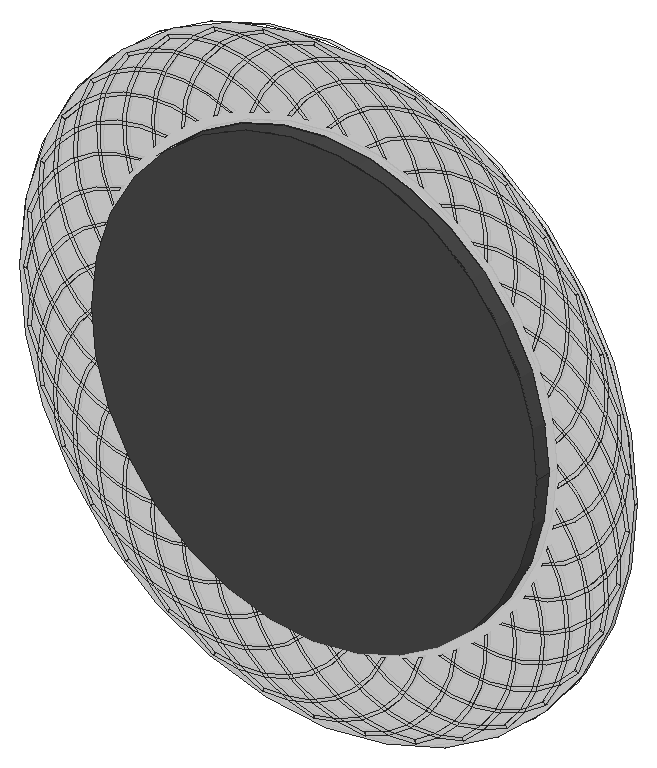
Revit family "3-1201-xx Perla Mirror", category Luminarias, Revit 2021
Family settings
  Anfitrión = Muro
  Cota de conector redondo = Diámetro de uso
  Tipo de pieza = Normal
  Número OmniClass = 23.80.70.00
  Título OmniClass = Lighting
  Siempre vertical = Sí
  Corte con vacíos al cargar = No
  Origen de luz = No
  Compartido = No
  Punto de cálculo de habitación = No
Parameters (values of type "3-0201-15 / Black")
  Diameter = 762 mm
  Elevación por defecto = 0 mm
  Comentarios de vataje = "1 x 26 W at 120 V"
  Voltage Input = "120 V or 277 V - 50/60 Hz"  # constant formula
  Voltage = 120 V
  URL = "www.oxygenlighting.com"
  References = "Ref. 3 = 120 V / Ref. 37 = 277 V"  # constant formula
  Modelo = "3-020X-xx / Avior Round"  # constant formula
  Metal Finish 1 = 15 - Black
  Fabricante = "Vanita by Oxygen"  # constant formula
  Lámpara = "LED Array"  # constant formula
Reference planes
  plane 1: y = 0
  plane 2 "Light Source Axis (L/R)": x = 125
  plane 3 "Light Source Axis (F/R)": y = 160
  plane 4 "Light Source Elevation": z = 700
  plane 5: y = 75
Text (mm)
  text "Placement side" at (-1787.139, 1116.779, 0), in view "Ref. Level"
  text "Placement side" at (0, 2110.396, 2986.058), in view "Left"
  text "Placement side" at (0, 628.478, 3011.967), in view "Right"
Dimensions and locks
  aligned and locked: plane 1 to host wall
  aligned and locked: plane 5 to host wall
  aligned and locked: plane 5 to nested 1
  aligned and locked: nested 1 to plane 2 "Light Source Axis (L/R)"
Nested families
  nested 1: "Family1" at (125, 75, 1005) x (-1, 0, 0) z (0, 0, 1), type "Family1"
Connectors
  electrical at (125, 95, 1005)
    settings: on nested 1, index 1, voltage 0 V, apparent load 0 VA, apparent load phase1 0 VA, apparent load phase2 0 VA, apparent load phase3 0 VA, power factor 1, load classification "Otro", number of poles 1, system type 31, power factor state 1, is connector primary yes, connector utility no, sub classification motor no, connector description ""
Definition of nested family "Family1"
  Parameters (values of type "Family1")
    Radius = Diameter / 2  # 381 mm
    Metal Touch Switch = (Diameter / 2) - 4.3 mm  # 376.7 mm
    Metal Finish 1 = none
    Inner Diameter = Radius - 8.5 mm  # 372.5 mm
    Diffuser = none
    Diameter = 762 mm
    Default Elevation = 0 mm
  Reference planes
    plane 1 "Center (Front/Back)": y = 0
    plane 2: z = 0
    plane 3 "Center (Left/Right)": x = 0
    plane 4: z = -376.7
  Forms (mm)
    Extrusion 1, solid
      sketch origin (0, 0, 0) x (1, 0, 0) y (0, 0, 1)
        loop
          circle (0, 0) r 275
      from 20 to 30.49
    Extrusion 2, solid, material <- "Diffuser"
      sketch origin (0, 0, 0) x (1, 0, 0) y (0, 0, 1)
        loop
          circle (0, 0) r 380
        loop
          circle (0, 0) r 275
      from 20 to 25
    Extrusion 3, solid, material <- "Diffuser"
      sketch origin (0, 0, 0) x (1, 0, 0) y (0, 0, 1)
        loop
          line (-168.964, 334.746) -> (-167.47, 330.295)
          arc (-167.47, 330.295) -> (-78.976, 332.711) -> (-4.242, 285.259) r 151.495
          line (-4.242, 285.259) -> (0.724, 285.259)
          arc (0.724, 285.259) -> (-76.318, 336.754) -> (-168.964, 334.746) r 154.079
      from 20 to 25
    Extrusion 4, solid, material <- "Diffuser"
      sketch origin (0.06, 0, -0.005) x (0.985616, 0, -0.169001) y (0.169001, 0, 0.985616)
        loop
          line (-168.964, 334.746) -> (-167.47, 330.295)
          arc (-167.47, 330.295) -> (-78.976, 332.711) -> (-4.242, 285.259) r 151.495
          line (-4.242, 285.259) -> (0.724, 285.259)
          arc (0.724, 285.259) -> (-76.318, 336.754) -> (-168.964, 334.746) r 154.079
      from 20 to 25
    Extrusion 5, solid, material <- "Diffuser"
      sketch origin (-0.06, 0, -0.005) x (0.985616, 0, 0.169001) y (-0.169001, 0, 0.985616)
        loop
          line (-168.964, 334.746) -> (-167.47, 330.295)
          arc (-167.47, 330.295) -> (-78.976, 332.711) -> (-4.242, 285.259) r 151.495
          line (-4.242, 285.259) -> (0.724, 285.259)
          arc (0.724, 285.259) -> (-76.318, 336.754) -> (-168.964, 334.746) r 154.079
      from 20 to 25
    Extrusion 6, solid, material <- "Diffuser"
      sketch origin (-0.118, 0, -0.02) x (0.942877, 0, 0.33314) y (-0.33314, 0, 0.942877)
        loop
          line (-168.964, 334.746) -> (-167.47, 330.295)
          arc (-167.47, 330.295) -> (-78.976, 332.711) -> (-4.242, 285.259) r 151.495
          line (-4.242, 285.259) -> (0.724, 285.259)
          arc (0.724, 285.259) -> (-76.318, 336.754) -> (-168.964, 334.746) r 154.079
      from 20 to 25
    Extrusion 7, solid, material <- "Diffuser"
      sketch origin (-0.172, 0, -0.045) x (0.873014, 0, 0.487695) y (-0.487695, 0, 0.873014)
        loop
          line (-168.964, 334.746) -> (-167.47, 330.295)
          arc (-167.47, 330.295) -> (-78.976, 332.711) -> (-4.242, 285.259) r 151.495
          line (-4.242, 285.259) -> (0.724, 285.259)
          arc (0.724, 285.259) -> (-76.318, 336.754) -> (-168.964, 334.746) r 154.079
      from 20 to 25
    Extrusion 8, solid, material <- "Diffuser"
      sketch origin (-0.222, 0, -0.078) x (0.778036, 0, 0.62822) y (-0.62822, 0, 0.778036)
        loop
          line (-168.964, 334.746) -> (-167.47, 330.295)
          arc (-167.47, 330.295) -> (-78.976, 332.711) -> (-4.242, 285.259) r 151.495
          line (-4.242, 285.259) -> (0.724, 285.259)
          arc (0.724, 285.259) -> (-76.318, 336.754) -> (-168.964, 334.746) r 154.079
      from 20 to 25
    Extrusion 9, solid, material <- "Diffuser"
      sketch origin (-0.265, 0, -0.12) x (0.660675, 0, 0.750672) y (-0.750672, 0, 0.660675)
        loop
          line (-168.964, 334.746) -> (-167.47, 330.295)
          arc (-167.47, 330.295) -> (-78.976, 332.711) -> (-4.242, 285.259) r 151.495
          line (-4.242, 285.259) -> (0.724, 285.259)
          arc (0.724, 285.259) -> (-76.318, 336.754) -> (-168.964, 334.746) r 154.079
      from 20 to 25
    Extrusion 10, solid, material <- "Diffuser"
      sketch origin (-0.301, 0, -0.168) x (0.524307, 0, 0.851529) y (-0.851529, 0, 0.524307)
        loop
          line (-168.964, 334.746) -> (-167.47, 330.295)
          arc (-167.47, 330.295) -> (-78.976, 332.711) -> (-4.242, 285.259) r 151.495
          line (-4.242, 285.259) -> (0.724, 285.259)
          arc (0.724, 285.259) -> (-76.318, 336.754) -> (-168.964, 334.746) r 154.079
      from 20 to 25
    Extrusion 11, solid, material <- "Diffuser"
      sketch origin (-0.328, 0, -0.222) x (0.372856, 0, 0.927889) y (-0.927889, 0, 0.372856)
        loop
          line (-168.964, 334.746) -> (-167.47, 330.295)
          arc (-167.47, 330.295) -> (-78.976, 332.711) -> (-4.242, 285.259) r 151.495
          line (-4.242, 285.259) -> (0.724, 285.259)
          arc (0.724, 285.259) -> (-76.318, 336.754) -> (-168.964, 334.746) r 154.079
      from 20 to 25
    Extrusion 12, solid, material <- "Diffuser"
      sketch origin (-0.346, 0, -0.279) x (0.210679, 0, 0.977555) y (-0.977555, 0, 0.210679)
        loop
          line (-168.964, 334.746) -> (-167.47, 330.295)
          arc (-167.47, 330.295) -> (-78.976, 332.711) -> (-4.242, 285.259) r 151.495
          line (-4.242, 285.259) -> (0.724, 285.259)
          arc (0.724, 285.259) -> (-76.318, 336.754) -> (-168.964, 334.746) r 154.079
      from 20 to 25
    Extrusion 13, solid, material <- "Diffuser"
      sketch origin (-0.353, 0, -0.338) x (0.042441, 0, 0.999099) y (-0.999099, 0, 0.042441)
        loop
          line (-168.964, 334.746) -> (-167.47, 330.295)
          arc (-167.47, 330.295) -> (-78.976, 332.711) -> (-4.242, 285.259) r 151.495
          line (-4.242, 285.259) -> (0.724, 285.259)
          arc (0.724, 285.259) -> (-76.318, 336.754) -> (-168.964, 334.746) r 154.079
      from 20 to 25
    Extrusion 14, solid, material <- "Diffuser"
      sketch origin (-0.351, 0, -0.398) x (-0.127018, 0, 0.9919) y (-0.9919, 0, -0.127018)
        loop
          line (-168.964, 334.746) -> (-167.47, 330.295)
          arc (-167.47, 330.295) -> (-78.976, 332.711) -> (-4.242, 285.259) r 151.495
          line (-4.242, 285.259) -> (0.724, 285.259)
          arc (0.724, 285.259) -> (-76.318, 336.754) -> (-168.964, 334.746) r 154.079
      from 20 to 25
    Extrusion 15, solid, material <- "Diffuser"
      sketch origin (-0.338, 0, -0.457) x (-0.292823, 0, 0.956167) y (-0.956167, 0, -0.292823)
        loop
          line (-168.964, 334.746) -> (-167.47, 330.295)
          arc (-167.47, 330.295) -> (-78.976, 332.711) -> (-4.242, 285.259) r 151.495
          line (-4.242, 285.259) -> (0.724, 285.259)
          arc (0.724, 285.259) -> (-76.318, 336.754) -> (-168.964, 334.746) r 154.079
      from 20 to 25
    Extrusion 16, solid, material <- "Diffuser"
      sketch origin (-0.316, 0, -0.513) x (-0.450204, 0, 0.892926) y (-0.892926, 0, -0.450204)
        loop
          line (-168.964, 334.746) -> (-167.47, 330.295)
          arc (-167.47, 330.295) -> (-78.976, 332.711) -> (-4.242, 285.259) r 151.495
          line (-4.242, 285.259) -> (0.724, 285.259)
          arc (0.724, 285.259) -> (-76.318, 336.754) -> (-168.964, 334.746) r 154.079
      from 20 to 25
    Extrusion 17, solid, material <- "Diffuser"
      sketch origin (-0.284, 0, -0.564) x (-0.594633, 0, 0.803997) y (-0.803997, 0, -0.594633)
        loop
          line (-168.964, 334.746) -> (-167.47, 330.295)
          arc (-167.47, 330.295) -> (-78.976, 332.711) -> (-4.242, 285.259) r 151.495
          line (-4.242, 285.259) -> (0.724, 285.259)
          arc (0.724, 285.259) -> (-76.318, 336.754) -> (-168.964, 334.746) r 154.079
      from 20 to 25
    Extrusion 18, solid, material <- "Diffuser"
      sketch origin (-0.245, 0, -0.609) x (-0.721956, 0, 0.691939) y (-0.691939, 0, -0.721956)
        loop
          line (-168.964, 334.746) -> (-167.47, 330.295)
          arc (-167.47, 330.295) -> (-78.976, 332.711) -> (-4.242, 285.259) r 151.495
          line (-4.242, 285.259) -> (0.724, 285.259)
          arc (0.724, 285.259) -> (-76.318, 336.754) -> (-168.964, 334.746) r 154.079
      from 20 to 25
    Extrusion 19, solid, material <- "Diffuser"
      sketch origin (-0.198, 0, -0.646) x (-0.82851, 0, 0.559975) y (-0.559975, 0, -0.82851)
        loop
          line (-168.964, 334.746) -> (-167.47, 330.295)
          arc (-167.47, 330.295) -> (-78.976, 332.711) -> (-4.242, 285.259) r 151.495
          line (-4.242, 285.259) -> (0.724, 285.259)
          arc (0.724, 285.259) -> (-76.318, 336.754) -> (-168.964, 334.746) r 154.079
      from 20 to 25
    Extrusion 20, solid, material <- "Diffuser"
      sketch origin (-0.146, 0, -0.676) x (-0.911228, 0, 0.411901) y (-0.411901, 0, -0.911228)
        loop
          line (-168.964, 334.746) -> (-167.47, 330.295)
          arc (-167.47, 330.295) -> (-78.976, 332.711) -> (-4.242, 285.259) r 151.495
          line (-4.242, 285.259) -> (0.724, 285.259)
          arc (0.724, 285.259) -> (-76.318, 336.754) -> (-168.964, 334.746) r 154.079
      from 20 to 25
    Extrusion 21, solid, material <- "Diffuser"
      sketch origin (-0.089, 0, -0.696) x (-0.967733, 0, 0.251978) y (-0.251978, 0, -0.967733)
        loop
          line (-168.964, 334.746) -> (-167.47, 330.295)
          arc (-167.47, 330.295) -> (-78.976, 332.711) -> (-4.242, 285.259) r 151.495
          line (-4.242, 285.259) -> (0.724, 285.259)
          arc (0.724, 285.259) -> (-76.318, 336.754) -> (-168.964, 334.746) r 154.079
      from 20 to 25
    Extrusion 22, solid, material <- "Diffuser"
      sketch origin (-0.03, 0, -0.706) x (-0.996397, 0, 0.084806) y (-0.084806, 0, -0.996397)
        loop
          line (-168.964, 334.746) -> (-167.47, 330.295)
          arc (-167.47, 330.295) -> (-78.976, 332.711) -> (-4.242, 285.259) r 151.495
          line (-4.242, 285.259) -> (0.724, 285.259)
          arc (0.724, 285.259) -> (-76.318, 336.754) -> (-168.964, 334.746) r 154.079
      from 20 to 25
    Extrusion 23, solid, material <- "Diffuser"
      sketch origin (0.03, 0, -0.706) x (-0.996397, 0, -0.084806) y (0.084806, 0, -0.996397)
        loop
          line (-168.964, 334.746) -> (-167.47, 330.295)
          arc (-167.47, 330.295) -> (-78.976, 332.711) -> (-4.242, 285.259) r 151.495
          line (-4.242, 285.259) -> (0.724, 285.259)
          arc (0.724, 285.259) -> (-76.318, 336.754) -> (-168.964, 334.746) r 154.079
      from 20 to 25
    Extrusion 24, solid, material <- "Diffuser"
      sketch origin (0.089, 0, -0.696) x (-0.967733, 0, -0.251978) y (0.251978, 0, -0.967733)
        loop
          line (-168.964, 334.746) -> (-167.47, 330.295)
          arc (-167.47, 330.295) -> (-78.976, 332.711) -> (-4.242, 285.259) r 151.495
          line (-4.242, 285.259) -> (0.724, 285.259)
          arc (0.724, 285.259) -> (-76.318, 336.754) -> (-168.964, 334.746) r 154.079
      from 20 to 25
    Extrusion 25, solid, material <- "Diffuser"
      sketch origin (0.146, 0, -0.676) x (-0.911228, 0, -0.411901) y (0.411901, 0, -0.911228)
        loop
          line (-168.964, 334.746) -> (-167.47, 330.295)
          arc (-167.47, 330.295) -> (-78.976, 332.711) -> (-4.242, 285.259) r 151.495
          line (-4.242, 285.259) -> (0.724, 285.259)
          arc (0.724, 285.259) -> (-76.318, 336.754) -> (-168.964, 334.746) r 154.079
      from 20 to 25
    Extrusion 26, solid, material <- "Diffuser"
      sketch origin (0.198, 0, -0.646) x (-0.82851, 0, -0.559975) y (0.559975, 0, -0.82851)
        loop
          line (-168.964, 334.746) -> (-167.47, 330.295)
          arc (-167.47, 330.295) -> (-78.976, 332.711) -> (-4.242, 285.259) r 151.495
          line (-4.242, 285.259) -> (0.724, 285.259)
          arc (0.724, 285.259) -> (-76.318, 336.754) -> (-168.964, 334.746) r 154.079
      from 20 to 25
    Extrusion 27, solid, material <- "Diffuser"
      sketch origin (0.245, 0, -0.609) x (-0.721956, 0, -0.691939) y (0.691939, 0, -0.721956)
        loop
          line (-168.964, 334.746) -> (-167.47, 330.295)
          arc (-167.47, 330.295) -> (-78.976, 332.711) -> (-4.242, 285.259) r 151.495
          line (-4.242, 285.259) -> (0.724, 285.259)
          arc (0.724, 285.259) -> (-76.318, 336.754) -> (-168.964, 334.746) r 154.079
      from 20 to 25
    Extrusion 28, solid, material <- "Diffuser"
      sketch origin (0.284, 0, -0.564) x (-0.594633, 0, -0.803997) y (0.803997, 0, -0.594633)
        loop
          line (-168.964, 334.746) -> (-167.47, 330.295)
          arc (-167.47, 330.295) -> (-78.976, 332.711) -> (-4.242, 285.259) r 151.495
          line (-4.242, 285.259) -> (0.724, 285.259)
          arc (0.724, 285.259) -> (-76.318, 336.754) -> (-168.964, 334.746) r 154.079
      from 20 to 25
    Extrusion 29, solid, material <- "Diffuser"
      sketch origin (0.316, 0, -0.513) x (-0.450204, 0, -0.892926) y (0.892926, 0, -0.450204)
        loop
          line (-168.964, 334.746) -> (-167.47, 330.295)
          arc (-167.47, 330.295) -> (-78.976, 332.711) -> (-4.242, 285.259) r 151.495
          line (-4.242, 285.259) -> (0.724, 285.259)
          arc (0.724, 285.259) -> (-76.318, 336.754) -> (-168.964, 334.746) r 154.079
      from 20 to 25
    Extrusion 30, solid, material <- "Diffuser"
      sketch origin (0.338, 0, -0.457) x (-0.292823, 0, -0.956167) y (0.956167, 0, -0.292823)
        loop
          line (-168.964, 334.746) -> (-167.47, 330.295)
          arc (-167.47, 330.295) -> (-78.976, 332.711) -> (-4.242, 285.259) r 151.495
          line (-4.242, 285.259) -> (0.724, 285.259)
          arc (0.724, 285.259) -> (-76.318, 336.754) -> (-168.964, 334.746) r 154.079
      from 20 to 25
    Extrusion 31, solid, material <- "Diffuser"
      sketch origin (0.351, 0, -0.398) x (-0.127018, 0, -0.9919) y (0.9919, 0, -0.127018)
        loop
          line (-168.964, 334.746) -> (-167.47, 330.295)
          arc (-167.47, 330.295) -> (-78.976, 332.711) -> (-4.242, 285.259) r 151.495
          line (-4.242, 285.259) -> (0.724, 285.259)
          arc (0.724, 285.259) -> (-76.318, 336.754) -> (-168.964, 334.746) r 154.079
      from 20 to 25
    Extrusion 32, solid, material <- "Diffuser"
      sketch origin (0.353, 0, -0.338) x (0.042441, 0, -0.999099) y (0.999099, 0, 0.042441)
        loop
          line (-168.964, 334.746) -> (-167.47, 330.295)
          arc (-167.47, 330.295) -> (-78.976, 332.711) -> (-4.242, 285.259) r 151.495
          line (-4.242, 285.259) -> (0.724, 285.259)
          arc (0.724, 285.259) -> (-76.318, 336.754) -> (-168.964, 334.746) r 154.079
      from 20 to 25
    Extrusion 33, solid, material <- "Diffuser"
      sketch origin (0.346, 0, -0.279) x (0.210679, 0, -0.977555) y (0.977555, 0, 0.210679)
        loop
          line (-168.964, 334.746) -> (-167.47, 330.295)
          arc (-167.47, 330.295) -> (-78.976, 332.711) -> (-4.242, 285.259) r 151.495
          line (-4.242, 285.259) -> (0.724, 285.259)
          arc (0.724, 285.259) -> (-76.318, 336.754) -> (-168.964, 334.746) r 154.079
      from 20 to 25
    Extrusion 34, solid, material <- "Diffuser"
      sketch origin (0.328, 0, -0.222) x (0.372856, 0, -0.927889) y (0.927889, 0, 0.372856)
        loop
          line (-168.964, 334.746) -> (-167.47, 330.295)
          arc (-167.47, 330.295) -> (-78.976, 332.711) -> (-4.242, 285.259) r 151.495
          line (-4.242, 285.259) -> (0.724, 285.259)
          arc (0.724, 285.259) -> (-76.318, 336.754) -> (-168.964, 334.746) r 154.079
      from 20 to 25
    Extrusion 35, solid, material <- "Diffuser"
      sketch origin (0.301, 0, -0.168) x (0.524307, 0, -0.851529) y (0.851529, 0, 0.524307)
        loop
          line (-168.964, 334.746) -> (-167.47, 330.295)
          arc (-167.47, 330.295) -> (-78.976, 332.711) -> (-4.242, 285.259) r 151.495
          line (-4.242, 285.259) -> (0.724, 285.259)
          arc (0.724, 285.259) -> (-76.318, 336.754) -> (-168.964, 334.746) r 154.079
      from 20 to 25
    Extrusion 36, solid, material <- "Diffuser"
      sketch origin (0.265, 0, -0.12) x (0.660675, 0, -0.750672) y (0.750672, 0, 0.660675)
        loop
          line (-168.964, 334.746) -> (-167.47, 330.295)
          arc (-167.47, 330.295) -> (-78.976, 332.711) -> (-4.242, 285.259) r 151.495
          line (-4.242, 285.259) -> (0.724, 285.259)
          arc (0.724, 285.259) -> (-76.318, 336.754) -> (-168.964, 334.746) r 154.079
      from 20 to 25
    Extrusion 37, solid, material <- "Diffuser"
      sketch origin (0.222, 0, -0.078) x (0.778036, 0, -0.62822) y (0.62822, 0, 0.778036)
        loop
          line (-168.964, 334.746) -> (-167.47, 330.295)
          arc (-167.47, 330.295) -> (-78.976, 332.711) -> (-4.242, 285.259) r 151.495
          line (-4.242, 285.259) -> (0.724, 285.259)
          arc (0.724, 285.259) -> (-76.318, 336.754) -> (-168.964, 334.746) r 154.079
      from 20 to 25
    Extrusion 38, solid, material <- "Diffuser"
      sketch origin (0.172, 0, -0.045) x (0.873014, 0, -0.487695) y (0.487695, 0, 0.873014)
        loop
          line (-168.964, 334.746) -> (-167.47, 330.295)
          arc (-167.47, 330.295) -> (-78.976, 332.711) -> (-4.242, 285.259) r 151.495
          line (-4.242, 285.259) -> (0.724, 285.259)
          arc (0.724, 285.259) -> (-76.318, 336.754) -> (-168.964, 334.746) r 154.079
      from 20 to 25
    Extrusion 39, solid, material <- "Diffuser"
      sketch origin (0.118, 0, -0.02) x (0.942877, 0, -0.33314) y (0.33314, 0, 0.942877)
        loop
          line (-168.964, 334.746) -> (-167.47, 330.295)
          arc (-167.47, 330.295) -> (-78.976, 332.711) -> (-4.242, 285.259) r 151.495
          line (-4.242, 285.259) -> (0.724, 285.259)
          arc (0.724, 285.259) -> (-76.318, 336.754) -> (-168.964, 334.746) r 154.079
      from 20 to 25
    Extrusion 40, solid, material <- "Metal Finish 1"
      sketch origin (0, 0, 0) x (-1, 0, 0) y (0, 0, -1)
        loop
          circle (0, 0) r 275
      from 0 to 20
    Extrusion 41, solid, material <- "Diffuser"
      sketch origin (-1332.222, 0, 346.694) x (0.82868, 0, -0.559722) y (0.559722, 0, 0.82868)
        loop
          arc (1219.112, 825.194) -> (1145.28, 768.555) -> (1117.485, 679.749) r 154.182
          line (1117.485, 679.749) -> (1121.349, 682.867)
          arc (1121.349, 682.867) -> (1149.892, 767.076) -> (1220.745, 820.797) r 151.597
          line (1220.745, 820.797) -> (1219.112, 825.194)
      from 25 to 20
    Extrusion 42, solid, material <- "Diffuser"
      sketch origin (-1254.408, 0, 566.849) x (0.722167, 0, -0.691719) y (0.691719, 0, 0.722167)
        loop
          arc (1219.112, 825.194) -> (1145.28, 768.555) -> (1117.485, 679.749) r 154.182
          line (1117.485, 679.749) -> (1121.349, 682.867)
          arc (1121.349, 682.867) -> (1149.892, 767.076) -> (1220.745, 820.797) r 151.597
          line (1220.745, 820.797) -> (1219.112, 825.194)
      from 25 to 20
    Extrusion 43, solid, material <- "Diffuser"
      sketch origin (-1371.711, 0, 116.555) x (0.911354, 0, -0.411623) y (0.411623, 0, 0.911354)
        loop
          arc (1219.112, 825.194) -> (1145.28, 768.555) -> (1117.485, 679.749) r 154.182
          line (1117.485, 679.749) -> (1121.349, 682.867)
          arc (1121.349, 682.867) -> (1149.892, 767.076) -> (1220.745, 820.797) r 151.597
          line (1220.745, 820.797) -> (1219.112, 825.194)
      from 25 to 20
    Extrusion 44, solid, material <- "Diffuser"
      sketch origin (-1371.738, 0, -116.947) x (0.96781, 0, -0.251683) y (0.251683, 0, 0.96781)
        loop
          arc (1219.112, 825.194) -> (1145.28, 768.555) -> (1117.485, 679.749) r 154.182
          line (1117.485, 679.749) -> (1121.349, 682.867)
          arc (1121.349, 682.867) -> (1149.892, 767.076) -> (1220.745, 820.797) r 151.597
          line (1220.745, 820.797) -> (1219.112, 825.194)
      from 25 to 20
    Extrusion 45, solid, material <- "Diffuser"
      sketch origin (-1332.302, 0, -347.094) x (0.996423, 0, -0.084502) y (0.084502, 0, 0.996423)
        loop
          arc (1219.112, 825.194) -> (1145.28, 768.555) -> (1117.485, 679.749) r 154.182
          line (1117.485, 679.749) -> (1121.349, 682.867)
          arc (1121.349, 682.867) -> (1149.892, 767.076) -> (1220.745, 820.797) r 151.597
          line (1220.745, 820.797) -> (1219.112, 825.194)
      from 25 to 20
    Extrusion 46, solid, material <- "Diffuser"
      sketch origin (-1254.539, 0, -567.267) x (0.996372, 0, 0.08511) y (-0.08511, 0, 0.996372)
        loop
          arc (1219.112, 825.194) -> (1145.28, 768.555) -> (1117.485, 679.749) r 154.182
          line (1117.485, 679.749) -> (1121.349, 682.867)
          arc (1121.349, 682.867) -> (1149.892, 767.076) -> (1220.745, 820.797) r 151.597
          line (1220.745, 820.797) -> (1219.112, 825.194)
      from 25 to 20
    Extrusion 47, solid, material <- "Diffuser"
      sketch origin (-1140.685, 0, -771.13) x (0.967656, 0, 0.252273) y (-0.252273, 0, 0.967656)
        loop
          arc (1219.112, 825.194) -> (1145.28, 768.555) -> (1117.485, 679.749) r 154.182
          line (1117.485, 679.749) -> (1121.349, 682.867)
          arc (1121.349, 682.867) -> (1149.892, 767.076) -> (1220.745, 820.797) r 151.597
          line (1220.745, 820.797) -> (1219.112, 825.194)
      from 25 to 20
    Extrusion 48, solid, material <- "Diffuser"
      sketch origin (-994.015, 0, -952.82) x (0.911103, 0, 0.412179) y (-0.412179, 0, 0.911103)
        loop
          arc (1219.112, 825.194) -> (1145.28, 768.555) -> (1117.485, 679.749) r 154.182
          line (1117.485, 679.749) -> (1121.349, 682.867)
          arc (1121.349, 682.867) -> (1149.892, 767.076) -> (1220.745, 820.797) r 151.597
          line (1220.745, 820.797) -> (1219.112, 825.194)
      from 25 to 20
    Extrusion 49, solid, material <- "Diffuser"
      sketch origin (-818.749, 0, -1107.109) x (0.828339, 0, 0.560227) y (-0.560227, 0, 0.828339)
        loop
          arc (1219.112, 825.194) -> (1145.28, 768.555) -> (1117.485, 679.749) r 154.182
          line (1117.485, 679.749) -> (1121.349, 682.867)
          arc (1121.349, 682.867) -> (1149.892, 767.076) -> (1220.745, 820.797) r 151.597
          line (1220.745, 820.797) -> (1219.112, 825.194)
      from 25 to 20
    Extrusion 50, solid, material <- "Diffuser"
      sketch origin (-619.93, 0, -1229.559) x (0.721745, 0, 0.692159) y (-0.692159, 0, 0.721745)
        loop
          arc (1219.112, 825.194) -> (1145.28, 768.555) -> (1117.485, 679.749) r 154.182
          line (1117.485, 679.749) -> (1121.349, 682.867)
          arc (1121.349, 682.867) -> (1149.892, 767.076) -> (1220.745, 820.797) r 151.597
          line (1220.745, 820.797) -> (1219.112, 825.194)
      from 25 to 20
    Extrusion 51, solid, material <- "Diffuser"
      sketch origin (-403.276, 0, -1316.646) x (0.594388, 0, 0.804178) y (-0.804178, 0, 0.594388)
        loop
          arc (1219.112, 825.194) -> (1145.28, 768.555) -> (1117.485, 679.749) r 154.182
          line (1117.485, 679.749) -> (1121.349, 682.867)
          arc (1121.349, 682.867) -> (1149.892, 767.076) -> (1220.745, 820.797) r 151.597
          line (1220.745, 820.797) -> (1219.112, 825.194)
      from 25 to 20
    Extrusion 52, solid, material <- "Diffuser"
      sketch origin (-175.021, 0, -1365.867) x (0.449931, 0, 0.893063) y (-0.893063, 0, 0.449931)
        loop
          arc (1219.112, 825.194) -> (1145.28, 768.555) -> (1117.485, 679.749) r 154.182
          line (1117.485, 679.749) -> (1121.349, 682.867)
          arc (1121.349, 682.867) -> (1149.892, 767.076) -> (1220.745, 820.797) r 151.597
          line (1220.745, 820.797) -> (1219.112, 825.194)
      from 25 to 20
    Extrusion 53, solid, material <- "Diffuser"
      sketch origin (58.27, 0, -1375.804) x (0.292531, 0, 0.956256) y (-0.956256, 0, 0.292531)
        loop
          arc (1219.112, 825.194) -> (1145.28, 768.555) -> (1117.485, 679.749) r 154.182
          line (1117.485, 679.749) -> (1121.349, 682.867)
          arc (1121.349, 682.867) -> (1149.892, 767.076) -> (1220.745, 820.797) r 151.597
          line (1220.745, 820.797) -> (1219.112, 825.194)
      from 25 to 20
    Extrusion 54, solid, material <- "Diffuser"
      sketch origin (289.884, 0, -1346.171) x (0.126715, 0, 0.991939) y (-0.991939, 0, 0.126715)
        loop
          arc (1219.112, 825.194) -> (1145.28, 768.555) -> (1117.485, 679.749) r 154.182
          line (1117.485, 679.749) -> (1121.349, 682.867)
          arc (1121.349, 682.867) -> (1149.892, 767.076) -> (1220.745, 820.797) r 151.597
          line (1220.745, 820.797) -> (1219.112, 825.194)
      from 25 to 20
    Extrusion 55, solid, material <- "Diffuser"
      sketch origin (513.158, 0, -1277.822) x (-0.042746, 0, 0.999086) y (-0.999086, 0, -0.042746)
        loop
          arc (1219.112, 825.194) -> (1145.28, 768.555) -> (1117.485, 679.749) r 154.182
          line (1117.485, 679.749) -> (1121.349, 682.867)
          arc (1121.349, 682.867) -> (1149.892, 767.076) -> (1220.745, 820.797) r 151.597
          line (1220.745, 820.797) -> (1219.112, 825.194)
      from 25 to 20
    Extrusion 56, solid, material <- "Diffuser"
      sketch origin (721.67, 0, -1172.723) x (-0.210977, 0, 0.977491) y (-0.977491, 0, -0.210977)
        loop
          arc (1219.112, 825.194) -> (1145.28, 768.555) -> (1117.485, 679.749) r 154.182
          line (1117.485, 679.749) -> (1121.349, 682.867)
          arc (1121.349, 682.867) -> (1149.892, 767.076) -> (1220.745, 820.797) r 151.597
          line (1220.745, 820.797) -> (1219.112, 825.194)
      from 25 to 20
    Extrusion 57, solid, material <- "Diffuser"
      sketch origin (909.421, 0, -1033.897) x (-0.37314, 0, 0.927775) y (-0.927775, 0, -0.37314)
        loop
          arc (1219.112, 825.194) -> (1145.28, 768.555) -> (1117.485, 679.749) r 154.182
          line (1117.485, 679.749) -> (1121.349, 682.867)
          arc (1121.349, 682.867) -> (1149.892, 767.076) -> (1220.745, 820.797) r 151.597
          line (1220.745, 820.797) -> (1219.112, 825.194)
      from 25 to 20
    Extrusion 58, solid, material <- "Diffuser"
      sketch origin (1071.01, 0, -865.337) x (-0.524567, 0, 0.851369) y (-0.851369, 0, -0.524567)
        loop
          arc (1219.112, 825.194) -> (1145.28, 768.555) -> (1117.485, 679.749) r 154.182
          line (1117.485, 679.749) -> (1121.349, 682.867)
          arc (1121.349, 682.867) -> (1149.892, 767.076) -> (1220.745, 820.797) r 151.597
          line (1220.745, 820.797) -> (1219.112, 825.194)
      from 25 to 20
    Extrusion 59, solid, material <- "Diffuser"
      sketch origin (1201.787, 0, -671.894) x (-0.660904, 0, 0.750471) y (-0.750471, 0, -0.660904)
        loop
          arc (1219.112, 825.194) -> (1145.28, 768.555) -> (1117.485, 679.749) r 154.182
          line (1117.485, 679.749) -> (1121.349, 682.867)
          arc (1121.349, 682.867) -> (1149.892, 767.076) -> (1220.745, 820.797) r 151.597
          line (1220.745, 820.797) -> (1219.112, 825.194)
      from 25 to 20
    Extrusion 60, solid, material <- "Diffuser"
      sketch origin (1297.991, 0, -459.131) x (-0.778227, 0, 0.627983) y (-0.627983, 0, -0.778227)
        loop
          arc (1219.112, 825.194) -> (1145.28, 768.555) -> (1117.485, 679.749) r 154.182
          line (1117.485, 679.749) -> (1121.349, 682.867)
          arc (1121.349, 682.867) -> (1149.892, 767.076) -> (1220.745, 820.797) r 151.597
          line (1220.745, 820.797) -> (1219.112, 825.194)
      from 25 to 20
    Extrusion 61, solid, material <- "Diffuser"
      sketch origin (1356.855, 0, -233.17) x (-0.873163, 0, 0.487429) y (-0.487429, 0, -0.873163)
        loop
          arc (1219.112, 825.194) -> (1145.28, 768.555) -> (1117.485, 679.749) r 154.182
          line (1117.485, 679.749) -> (1121.349, 682.867)
          arc (1121.349, 682.867) -> (1149.892, 767.076) -> (1220.745, 820.797) r 151.597
          line (1220.745, 820.797) -> (1219.112, 825.194)
      from 25 to 20
    Extrusion 62, solid, material <- "Diffuser"
      sketch origin (1376.684, 0, -0.512) x (-0.942979, 0, 0.332852) y (-0.332852, 0, -0.942979)
        loop
          arc (1219.112, 825.194) -> (1145.28, 768.555) -> (1117.485, 679.749) r 154.182
          line (1117.485, 679.749) -> (1121.349, 682.867)
          arc (1121.349, 682.867) -> (1149.892, 767.076) -> (1220.745, 820.797) r 151.597
          line (1220.745, 820.797) -> (1219.112, 825.194)
      from 25 to 20
    Extrusion 63, solid, material <- "Diffuser"
      sketch origin (1356.908, 0, 232.151) x (-0.985667, 0, 0.1687) y (-0.1687, 0, -0.985667)
        loop
          arc (1219.112, 825.194) -> (1145.28, 768.555) -> (1117.485, 679.749) r 154.182
          line (1117.485, 679.749) -> (1121.349, 682.867)
          arc (1121.349, 682.867) -> (1149.892, 767.076) -> (1220.745, 820.797) r 151.597
          line (1220.745, 820.797) -> (1219.112, 825.194)
      from 25 to 20
    Extrusion 64, solid, material <- "Diffuser"
      sketch origin (1298.097, 0, 458.125) x (-1, 0, -0.000305) y (0.000305, 0, -1)
        loop
          arc (1219.112, 825.194) -> (1145.28, 768.555) -> (1117.485, 679.749) r 154.182
          line (1117.485, 679.749) -> (1121.349, 682.867)
          arc (1121.349, 682.867) -> (1149.892, 767.076) -> (1220.745, 820.797) r 151.597
          line (1220.745, 820.797) -> (1219.112, 825.194)
      from 25 to 20
    Extrusion 65, solid, material <- "Diffuser"
      sketch origin (1201.942, 0, 670.91) x (-0.985564, 0, -0.169301) y (0.169301, 0, -0.985564)
        loop
          arc (1219.112, 825.194) -> (1145.28, 768.555) -> (1117.485, 679.749) r 154.182
          line (1117.485, 679.749) -> (1121.349, 682.867)
          arc (1121.349, 682.867) -> (1149.892, 767.076) -> (1220.745, 820.797) r 151.597
          line (1220.745, 820.797) -> (1219.112, 825.194)
      from 25 to 20
    Extrusion 66, solid, material <- "Diffuser"
      sketch origin (1071.209, 0, 864.383) x (-0.942776, 0, -0.333427) y (0.333427, 0, -0.942776)
        loop
          arc (1219.112, 825.194) -> (1145.28, 768.555) -> (1117.485, 679.749) r 154.182
          line (1117.485, 679.749) -> (1121.349, 682.867)
          arc (1121.349, 682.867) -> (1149.892, 767.076) -> (1220.745, 820.797) r 151.597
          line (1220.745, 820.797) -> (1219.112, 825.194)
      from 25 to 20
    Extrusion 67, solid, material <- "Diffuser"
      sketch origin (909.659, 0, 1032.98) x (-0.872865, 0, -0.487961) y (0.487961, 0, -0.872865)
        loop
          arc (1219.112, 825.194) -> (1145.28, 768.555) -> (1117.485, 679.749) r 154.182
          line (1117.485, 679.749) -> (1121.349, 682.867)
          arc (1121.349, 682.867) -> (1149.892, 767.076) -> (1220.745, 820.797) r 151.597
          line (1220.745, 820.797) -> (1219.112, 825.194)
      from 25 to 20
    Extrusion 68, solid, material <- "Diffuser"
      sketch origin (721.94, 0, 1171.85) x (-0.777844, 0, -0.628457) y (0.628457, 0, -0.777844)
        loop
          arc (1219.112, 825.194) -> (1145.28, 768.555) -> (1117.485, 679.749) r 154.182
          line (1117.485, 679.749) -> (1121.349, 682.867)
          arc (1121.349, 682.867) -> (1149.892, 767.076) -> (1220.745, 820.797) r 151.597
          line (1220.745, 820.797) -> (1219.112, 825.194)
      from 25 to 20
    Extrusion 69, solid, material <- "Diffuser"
      sketch origin (513.453, 0, 1276.997) x (-0.660446, 0, -0.750874) y (0.750874, 0, -0.660446)
        loop
          arc (1219.112, 825.194) -> (1145.28, 768.555) -> (1117.485, 679.749) r 154.182
          line (1117.485, 679.749) -> (1121.349, 682.867)
          arc (1121.349, 682.867) -> (1149.892, 767.076) -> (1220.745, 820.797) r 151.597
          line (1220.745, 820.797) -> (1219.112, 825.194)
      from 25 to 20
    Extrusion 70, solid, material <- "Diffuser"
      sketch origin (290.194, 0, 1345.398) x (-0.524048, 0, -0.851689) y (0.851689, 0, -0.524048)
        loop
          arc (1219.112, 825.194) -> (1145.28, 768.555) -> (1117.485, 679.749) r 154.182
          line (1117.485, 679.749) -> (1121.349, 682.867)
          arc (1121.349, 682.867) -> (1149.892, 767.076) -> (1220.745, 820.797) r 151.597
          line (1220.745, 820.797) -> (1219.112, 825.194)
      from 25 to 20
    Extrusion 71, solid, material <- "Diffuser"
      sketch origin (58.586, 0, 1375.083) x (-0.372573, 0, -0.928003) y (0.928003, 0, -0.372573)
        loop
          arc (1219.112, 825.194) -> (1145.28, 768.555) -> (1117.485, 679.749) r 154.182
          line (1117.485, 679.749) -> (1121.349, 682.867)
          arc (1121.349, 682.867) -> (1149.892, 767.076) -> (1220.745, 820.797) r 151.597
          line (1220.745, 820.797) -> (1219.112, 825.194)
      from 25 to 20
    Extrusion 72, solid, material <- "Diffuser"
      sketch origin (-174.706, 0, 1365.2) x (-0.210381, 0, -0.977619) y (0.977619, 0, -0.210381)
        loop
          arc (1219.112, 825.194) -> (1145.28, 768.555) -> (1117.485, 679.749) r 154.182
          line (1117.485, 679.749) -> (1121.349, 682.867)
          arc (1121.349, 682.867) -> (1149.892, 767.076) -> (1220.745, 820.797) r 151.597
          line (1220.745, 820.797) -> (1219.112, 825.194)
      from 25 to 20
    Extrusion 73, solid, material <- "Diffuser"
      sketch origin (-402.973, 0, 1316.032) x (-0.042136, 0, -0.999112) y (0.999112, 0, -0.042136)
        loop
          arc (1219.112, 825.194) -> (1145.28, 768.555) -> (1117.485, 679.749) r 154.182
          line (1117.485, 679.749) -> (1121.349, 682.867)
          arc (1121.349, 682.867) -> (1149.892, 767.076) -> (1220.745, 820.797) r 151.597
          line (1220.745, 820.797) -> (1219.112, 825.194)
      from 25 to 20
    Extrusion 74, solid, material <- "Diffuser"
      sketch origin (-619.647, 0, 1228.994) x (0.12732, 0, -0.991862) y (0.991862, 0, 0.12732)
        loop
          arc (1219.112, 825.194) -> (1145.28, 768.555) -> (1117.485, 679.749) r 154.182
          line (1117.485, 679.749) -> (1121.349, 682.867)
          arc (1121.349, 682.867) -> (1149.892, 767.076) -> (1220.745, 820.797) r 151.597
          line (1220.745, 820.797) -> (1219.112, 825.194)
      from 25 to 20
    Extrusion 75, solid, material <- "Diffuser"
      sketch origin (-818.494, 0, 1106.591) x (0.293114, 0, -0.956077) y (0.956077, 0, 0.293114)
        loop
          arc (1219.112, 825.194) -> (1145.28, 768.555) -> (1117.485, 679.749) r 154.182
          line (1117.485, 679.749) -> (1121.349, 682.867)
          arc (1121.349, 682.867) -> (1149.892, 767.076) -> (1220.745, 820.797) r 151.597
          line (1220.745, 820.797) -> (1219.112, 825.194)
      from 25 to 20
    Extrusion 76, solid, material <- "Diffuser"
      sketch origin (-993.796, 0, 952.342) x (0.450476, 0, -0.892788) y (0.892788, 0, 0.450476)
        loop
          arc (1219.112, 825.194) -> (1145.28, 768.555) -> (1117.485, 679.749) r 154.182
          line (1117.485, 679.749) -> (1121.349, 682.867)
          arc (1121.349, 682.867) -> (1149.892, 767.076) -> (1220.745, 820.797) r 151.597
          line (1220.745, 820.797) -> (1219.112, 825.194)
      from 25 to 20
    Extrusion 77, solid, material <- "Diffuser"
      sketch origin (-1140.507, 0, 770.686) x (0.594878, 0, -0.803816) y (0.803816, 0, 0.594878)
        loop
          arc (1219.112, 825.194) -> (1145.28, 768.555) -> (1117.485, 679.749) r 154.182
          line (1117.485, 679.749) -> (1121.349, 682.867)
          arc (1121.349, 682.867) -> (1149.892, 767.076) -> (1220.745, 820.797) r 151.597
          line (1220.745, 820.797) -> (1219.112, 825.194)
      from 25 to 20
  Dimensions and locks
    "Metal Touch Switch": plane 4 to plane 2
    Extrusion 1 to plane 1 "Center (Front/Back)" = 30.49 mm
    aligned and locked: plane 2 to level
    aligned and locked: Extrusion 1 sketch curve to Extrusion 2  (x2)
  Automatic sketch dimensions
    Extrusion 2 sketch curve to Extrusion 2 sketch curve = 0 mm  (x2)
    Extrusion 2 sketch curve to level = 0 mm
    Extrusion 2 sketch curve to plane 3 "Center (Left/Right)" = 0 mm
    Extrusion 3 sketch curve to Extrusion 3 sketch curve = 1.494 mm
    Extrusion 3 sketch curve to Extrusion 3 sketch curve = 0.186 mm
    Extrusion 3 sketch curve to Extrusion 3 sketch curve = 2.165 mm
    Extrusion 3 sketch curve to Extrusion 3 sketch curve = 4.451 mm
    Extrusion 3 sketch curve to Extrusion 3 sketch curve = 48.014 mm
    Extrusion 3 sketch curve to Extrusion 3 sketch curve = 115.214 mm
    Extrusion 3 sketch curve to Extrusion 3 sketch curve = 4.966 mm
    Extrusion 4 sketch curve to Extrusion 4 sketch curve = 1.494 mm
    Extrusion 4 sketch curve to Extrusion 4 sketch curve = 0.186 mm
    Extrusion 4 sketch curve to Extrusion 4 sketch curve = 2.165 mm
    Extrusion 4 sketch curve to Extrusion 4 sketch curve = 4.451 mm
    Extrusion 4 sketch curve to Extrusion 4 sketch curve = 48.014 mm
    Extrusion 4 sketch curve to Extrusion 4 sketch curve = 115.214 mm
    Extrusion 4 sketch curve to Extrusion 4 sketch curve = 4.966 mm
    Extrusion 5 sketch curve to Extrusion 5 sketch curve = 1.494 mm
    Extrusion 5 sketch curve to Extrusion 5 sketch curve = 0.186 mm
    Extrusion 5 sketch curve to Extrusion 5 sketch curve = 2.165 mm
    Extrusion 5 sketch curve to Extrusion 5 sketch curve = 4.451 mm
    Extrusion 5 sketch curve to Extrusion 5 sketch curve = 48.014 mm
    Extrusion 5 sketch curve to Extrusion 5 sketch curve = 115.214 mm
    Extrusion 5 sketch curve to Extrusion 5 sketch curve = 4.966 mm
    Extrusion 6 sketch curve to Extrusion 6 sketch curve = 1.494 mm
    Extrusion 6 sketch curve to Extrusion 6 sketch curve = 0.186 mm
    Extrusion 6 sketch curve to Extrusion 6 sketch curve = 2.165 mm
    Extrusion 6 sketch curve to Extrusion 6 sketch curve = 4.451 mm
    Extrusion 6 sketch curve to Extrusion 6 sketch curve = 48.014 mm
    Extrusion 6 sketch curve to Extrusion 6 sketch curve = 115.214 mm
    Extrusion 6 sketch curve to Extrusion 6 sketch curve = 4.966 mm
    Extrusion 7 sketch curve to Extrusion 7 sketch curve = 1.494 mm
    Extrusion 7 sketch curve to Extrusion 7 sketch curve = 0.186 mm
    Extrusion 7 sketch curve to Extrusion 7 sketch curve = 2.165 mm
    Extrusion 7 sketch curve to Extrusion 7 sketch curve = 4.451 mm
    Extrusion 7 sketch curve to Extrusion 7 sketch curve = 48.014 mm
    Extrusion 7 sketch curve to Extrusion 7 sketch curve = 115.214 mm
    Extrusion 7 sketch curve to Extrusion 7 sketch curve = 4.966 mm
    Extrusion 8 sketch curve to Extrusion 8 sketch curve = 1.494 mm
    Extrusion 8 sketch curve to Extrusion 8 sketch curve = 0.186 mm
    Extrusion 8 sketch curve to Extrusion 8 sketch curve = 2.165 mm
    Extrusion 8 sketch curve to Extrusion 8 sketch curve = 4.451 mm
    Extrusion 8 sketch curve to Extrusion 8 sketch curve = 48.014 mm
    Extrusion 8 sketch curve to Extrusion 8 sketch curve = 115.214 mm
    Extrusion 8 sketch curve to Extrusion 8 sketch curve = 4.966 mm
    Extrusion 9 sketch curve to Extrusion 9 sketch curve = 1.494 mm
    Extrusion 9 sketch curve to Extrusion 9 sketch curve = 0.186 mm
    Extrusion 9 sketch curve to Extrusion 9 sketch curve = 2.165 mm
    Extrusion 9 sketch curve to Extrusion 9 sketch curve = 4.451 mm
    Extrusion 9 sketch curve to Extrusion 9 sketch curve = 48.014 mm
    Extrusion 9 sketch curve to Extrusion 9 sketch curve = 115.214 mm
    Extrusion 9 sketch curve to Extrusion 9 sketch curve = 4.966 mm
    Extrusion 10 sketch curve to Extrusion 10 sketch curve = 1.494 mm
    Extrusion 10 sketch curve to Extrusion 10 sketch curve = 0.186 mm
    Extrusion 10 sketch curve to Extrusion 10 sketch curve = 2.165 mm
    Extrusion 10 sketch curve to Extrusion 10 sketch curve = 4.451 mm
    Extrusion 10 sketch curve to Extrusion 10 sketch curve = 48.014 mm
    Extrusion 10 sketch curve to Extrusion 10 sketch curve = 115.214 mm
    Extrusion 10 sketch curve to Extrusion 10 sketch curve = 4.966 mm
    Extrusion 11 sketch curve to Extrusion 11 sketch curve = 1.494 mm
    Extrusion 11 sketch curve to Extrusion 11 sketch curve = 0.186 mm
    Extrusion 11 sketch curve to Extrusion 11 sketch curve = 2.165 mm
    Extrusion 11 sketch curve to Extrusion 11 sketch curve = 4.451 mm
    Extrusion 11 sketch curve to Extrusion 11 sketch curve = 48.014 mm
    Extrusion 11 sketch curve to Extrusion 11 sketch curve = 115.214 mm
    Extrusion 11 sketch curve to Extrusion 11 sketch curve = 4.966 mm
    Extrusion 12 sketch curve to Extrusion 12 sketch curve = 1.494 mm
    Extrusion 12 sketch curve to Extrusion 12 sketch curve = 0.186 mm
    Extrusion 12 sketch curve to Extrusion 12 sketch curve = 2.165 mm
    Extrusion 12 sketch curve to Extrusion 12 sketch curve = 4.451 mm
    Extrusion 12 sketch curve to Extrusion 12 sketch curve = 48.014 mm
    Extrusion 12 sketch curve to Extrusion 12 sketch curve = 115.214 mm
    Extrusion 12 sketch curve to Extrusion 12 sketch curve = 4.966 mm
    Extrusion 13 sketch curve to Extrusion 13 sketch curve = 1.494 mm
    Extrusion 13 sketch curve to Extrusion 13 sketch curve = 0.186 mm
    Extrusion 13 sketch curve to Extrusion 13 sketch curve = 2.165 mm
    Extrusion 13 sketch curve to Extrusion 13 sketch curve = 4.451 mm
    Extrusion 13 sketch curve to Extrusion 13 sketch curve = 48.014 mm
    Extrusion 13 sketch curve to Extrusion 13 sketch curve = 115.214 mm
    Extrusion 13 sketch curve to Extrusion 13 sketch curve = 4.966 mm
    Extrusion 14 sketch curve to Extrusion 14 sketch curve = 1.494 mm
    Extrusion 14 sketch curve to Extrusion 14 sketch curve = 0.186 mm
    Extrusion 14 sketch curve to Extrusion 14 sketch curve = 2.165 mm
    Extrusion 14 sketch curve to Extrusion 14 sketch curve = 4.451 mm
    Extrusion 14 sketch curve to Extrusion 14 sketch curve = 48.014 mm
    Extrusion 14 sketch curve to Extrusion 14 sketch curve = 115.214 mm
    Extrusion 14 sketch curve to Extrusion 14 sketch curve = 4.966 mm
    Extrusion 15 sketch curve to Extrusion 15 sketch curve = 1.494 mm
    Extrusion 15 sketch curve to Extrusion 15 sketch curve = 0.186 mm
    Extrusion 15 sketch curve to Extrusion 15 sketch curve = 2.165 mm
    Extrusion 15 sketch curve to Extrusion 15 sketch curve = 4.451 mm
    Extrusion 15 sketch curve to Extrusion 15 sketch curve = 48.014 mm
    Extrusion 15 sketch curve to Extrusion 15 sketch curve = 115.214 mm
    Extrusion 15 sketch curve to Extrusion 15 sketch curve = 4.966 mm
    Extrusion 16 sketch curve to Extrusion 16 sketch curve = 1.494 mm
    Extrusion 16 sketch curve to Extrusion 16 sketch curve = 0.186 mm
    Extrusion 16 sketch curve to Extrusion 16 sketch curve = 2.165 mm
    Extrusion 16 sketch curve to Extrusion 16 sketch curve = 4.451 mm
    Extrusion 16 sketch curve to Extrusion 16 sketch curve = 48.014 mm
    Extrusion 16 sketch curve to Extrusion 16 sketch curve = 115.214 mm
    Extrusion 16 sketch curve to Extrusion 16 sketch curve = 4.966 mm
    Extrusion 17 sketch curve to Extrusion 17 sketch curve = 1.494 mm
    Extrusion 17 sketch curve to Extrusion 17 sketch curve = 0.186 mm
    Extrusion 17 sketch curve to Extrusion 17 sketch curve = 2.165 mm
    Extrusion 17 sketch curve to Extrusion 17 sketch curve = 4.451 mm
    Extrusion 17 sketch curve to Extrusion 17 sketch curve = 48.014 mm
    Extrusion 17 sketch curve to Extrusion 17 sketch curve = 115.214 mm
    Extrusion 17 sketch curve to Extrusion 17 sketch curve = 4.966 mm
    Extrusion 18 sketch curve to Extrusion 18 sketch curve = 1.494 mm
    Extrusion 18 sketch curve to Extrusion 18 sketch curve = 0.186 mm
    Extrusion 18 sketch curve to Extrusion 18 sketch curve = 2.165 mm
    Extrusion 18 sketch curve to Extrusion 18 sketch curve = 4.451 mm
    Extrusion 18 sketch curve to Extrusion 18 sketch curve = 48.014 mm
    Extrusion 18 sketch curve to Extrusion 18 sketch curve = 115.214 mm
    Extrusion 18 sketch curve to Extrusion 18 sketch curve = 4.966 mm
    Extrusion 19 sketch curve to Extrusion 19 sketch curve = 1.494 mm
    Extrusion 19 sketch curve to Extrusion 19 sketch curve = 0.186 mm
    Extrusion 19 sketch curve to Extrusion 19 sketch curve = 2.165 mm
    Extrusion 19 sketch curve to Extrusion 19 sketch curve = 4.451 mm
    Extrusion 19 sketch curve to Extrusion 19 sketch curve = 48.014 mm
    Extrusion 19 sketch curve to Extrusion 19 sketch curve = 115.214 mm
    Extrusion 19 sketch curve to Extrusion 19 sketch curve = 4.966 mm
    Extrusion 20 sketch curve to Extrusion 20 sketch curve = 1.494 mm
    Extrusion 20 sketch curve to Extrusion 20 sketch curve = 0.186 mm
    Extrusion 20 sketch curve to Extrusion 20 sketch curve = 2.165 mm
    Extrusion 20 sketch curve to Extrusion 20 sketch curve = 4.451 mm
    Extrusion 20 sketch curve to Extrusion 20 sketch curve = 48.014 mm
    Extrusion 20 sketch curve to Extrusion 20 sketch curve = 115.214 mm
    Extrusion 20 sketch curve to Extrusion 20 sketch curve = 4.966 mm
    Extrusion 21 sketch curve to Extrusion 21 sketch curve = 1.494 mm
    Extrusion 21 sketch curve to Extrusion 21 sketch curve = 0.186 mm
    Extrusion 21 sketch curve to Extrusion 21 sketch curve = 2.165 mm
    Extrusion 21 sketch curve to Extrusion 21 sketch curve = 4.451 mm
    Extrusion 21 sketch curve to Extrusion 21 sketch curve = 48.014 mm
    Extrusion 21 sketch curve to Extrusion 21 sketch curve = 115.214 mm
    Extrusion 21 sketch curve to Extrusion 21 sketch curve = 4.966 mm
    Extrusion 22 sketch curve to Extrusion 22 sketch curve = 1.494 mm
    Extrusion 22 sketch curve to Extrusion 22 sketch curve = 0.186 mm
    Extrusion 22 sketch curve to Extrusion 22 sketch curve = 2.165 mm
    Extrusion 22 sketch curve to Extrusion 22 sketch curve = 4.451 mm
    Extrusion 22 sketch curve to Extrusion 22 sketch curve = 48.014 mm
    Extrusion 22 sketch curve to Extrusion 22 sketch curve = 115.214 mm
    Extrusion 22 sketch curve to Extrusion 22 sketch curve = 4.966 mm
    Extrusion 23 sketch curve to Extrusion 23 sketch curve = 1.494 mm
    Extrusion 23 sketch curve to Extrusion 23 sketch curve = 0.186 mm
    Extrusion 23 sketch curve to Extrusion 23 sketch curve = 2.165 mm
    Extrusion 23 sketch curve to Extrusion 23 sketch curve = 4.451 mm
    Extrusion 23 sketch curve to Extrusion 23 sketch curve = 48.014 mm
    Extrusion 23 sketch curve to Extrusion 23 sketch curve = 115.214 mm
    Extrusion 23 sketch curve to Extrusion 23 sketch curve = 4.966 mm
    Extrusion 24 sketch curve to Extrusion 24 sketch curve = 1.494 mm
    Extrusion 24 sketch curve to Extrusion 24 sketch curve = 0.186 mm
    Extrusion 24 sketch curve to Extrusion 24 sketch curve = 2.165 mm
    Extrusion 24 sketch curve to Extrusion 24 sketch curve = 4.451 mm
    Extrusion 24 sketch curve to Extrusion 24 sketch curve = 48.014 mm
    Extrusion 24 sketch curve to Extrusion 24 sketch curve = 115.214 mm
    Extrusion 24 sketch curve to Extrusion 24 sketch curve = 4.966 mm
    Extrusion 25 sketch curve to Extrusion 25 sketch curve = 1.494 mm
    Extrusion 25 sketch curve to Extrusion 25 sketch curve = 0.186 mm
    Extrusion 25 sketch curve to Extrusion 25 sketch curve = 2.165 mm
    Extrusion 25 sketch curve to Extrusion 25 sketch curve = 4.451 mm
    Extrusion 25 sketch curve to Extrusion 25 sketch curve = 48.014 mm
    Extrusion 25 sketch curve to Extrusion 25 sketch curve = 115.214 mm
    Extrusion 25 sketch curve to Extrusion 25 sketch curve = 4.966 mm
    Extrusion 26 sketch curve to Extrusion 26 sketch curve = 1.494 mm
    Extrusion 26 sketch curve to Extrusion 26 sketch curve = 0.186 mm
    Extrusion 26 sketch curve to Extrusion 26 sketch curve = 2.165 mm
    Extrusion 26 sketch curve to Extrusion 26 sketch curve = 4.451 mm
    Extrusion 26 sketch curve to Extrusion 26 sketch curve = 48.014 mm
    Extrusion 26 sketch curve to Extrusion 26 sketch curve = 115.214 mm
    Extrusion 26 sketch curve to Extrusion 26 sketch curve = 4.966 mm
    Extrusion 27 sketch curve to Extrusion 27 sketch curve = 1.494 mm
    Extrusion 27 sketch curve to Extrusion 27 sketch curve = 0.186 mm
    Extrusion 27 sketch curve to Extrusion 27 sketch curve = 2.165 mm
    Extrusion 27 sketch curve to Extrusion 27 sketch curve = 4.451 mm
    Extrusion 27 sketch curve to Extrusion 27 sketch curve = 48.014 mm
    Extrusion 27 sketch curve to Extrusion 27 sketch curve = 115.214 mm
    Extrusion 27 sketch curve to Extrusion 27 sketch curve = 4.966 mm
    Extrusion 28 sketch curve to Extrusion 28 sketch curve = 1.494 mm
    Extrusion 28 sketch curve to Extrusion 28 sketch curve = 0.186 mm
    Extrusion 28 sketch curve to Extrusion 28 sketch curve = 2.165 mm
    Extrusion 28 sketch curve to Extrusion 28 sketch curve = 4.451 mm
    Extrusion 28 sketch curve to Extrusion 28 sketch curve = 48.014 mm
    Extrusion 28 sketch curve to Extrusion 28 sketch curve = 115.214 mm
    Extrusion 28 sketch curve to Extrusion 28 sketch curve = 4.966 mm
    Extrusion 29 sketch curve to Extrusion 29 sketch curve = 1.494 mm
    Extrusion 29 sketch curve to Extrusion 29 sketch curve = 0.186 mm
    Extrusion 29 sketch curve to Extrusion 29 sketch curve = 2.165 mm
    Extrusion 29 sketch curve to Extrusion 29 sketch curve = 4.451 mm
    Extrusion 29 sketch curve to Extrusion 29 sketch curve = 48.014 mm
    Extrusion 29 sketch curve to Extrusion 29 sketch curve = 115.214 mm
    Extrusion 29 sketch curve to Extrusion 29 sketch curve = 4.966 mm
    Extrusion 30 sketch curve to Extrusion 30 sketch curve = 1.494 mm
    Extrusion 30 sketch curve to Extrusion 30 sketch curve = 0.186 mm
    Extrusion 30 sketch curve to Extrusion 30 sketch curve = 2.165 mm
    Extrusion 30 sketch curve to Extrusion 30 sketch curve = 4.451 mm
    Extrusion 30 sketch curve to Extrusion 30 sketch curve = 48.014 mm
    Extrusion 30 sketch curve to Extrusion 30 sketch curve = 115.214 mm
    Extrusion 30 sketch curve to Extrusion 30 sketch curve = 4.966 mm
    Extrusion 31 sketch curve to Extrusion 31 sketch curve = 1.494 mm
    Extrusion 31 sketch curve to Extrusion 31 sketch curve = 0.186 mm
    Extrusion 31 sketch curve to Extrusion 31 sketch curve = 2.165 mm
    Extrusion 31 sketch curve to Extrusion 31 sketch curve = 4.451 mm
    Extrusion 31 sketch curve to Extrusion 31 sketch curve = 48.014 mm
    Extrusion 31 sketch curve to Extrusion 31 sketch curve = 115.214 mm
    Extrusion 31 sketch curve to Extrusion 31 sketch curve = 4.966 mm
    Extrusion 32 sketch curve to Extrusion 32 sketch curve = 1.494 mm
    Extrusion 32 sketch curve to Extrusion 32 sketch curve = 0.186 mm
    Extrusion 32 sketch curve to Extrusion 32 sketch curve = 2.165 mm
    Extrusion 32 sketch curve to Extrusion 32 sketch curve = 4.451 mm
    Extrusion 32 sketch curve to Extrusion 32 sketch curve = 48.014 mm
    Extrusion 32 sketch curve to Extrusion 32 sketch curve = 115.214 mm
    Extrusion 32 sketch curve to Extrusion 32 sketch curve = 4.966 mm
    Extrusion 33 sketch curve to Extrusion 33 sketch curve = 1.494 mm
    Extrusion 33 sketch curve to Extrusion 33 sketch curve = 0.186 mm
    Extrusion 33 sketch curve to Extrusion 33 sketch curve = 2.165 mm
    Extrusion 33 sketch curve to Extrusion 33 sketch curve = 4.451 mm
    Extrusion 33 sketch curve to Extrusion 33 sketch curve = 48.014 mm
    Extrusion 33 sketch curve to Extrusion 33 sketch curve = 115.214 mm
    Extrusion 33 sketch curve to Extrusion 33 sketch curve = 4.966 mm
    Extrusion 34 sketch curve to Extrusion 34 sketch curve = 1.494 mm
    Extrusion 34 sketch curve to Extrusion 34 sketch curve = 0.186 mm
    Extrusion 34 sketch curve to Extrusion 34 sketch curve = 2.165 mm
    Extrusion 34 sketch curve to Extrusion 34 sketch curve = 4.451 mm
    Extrusion 34 sketch curve to Extrusion 34 sketch curve = 48.014 mm
    Extrusion 34 sketch curve to Extrusion 34 sketch curve = 115.214 mm
    Extrusion 34 sketch curve to Extrusion 34 sketch curve = 4.966 mm
    Extrusion 35 sketch curve to Extrusion 35 sketch curve = 1.494 mm
    Extrusion 35 sketch curve to Extrusion 35 sketch curve = 0.186 mm
    Extrusion 35 sketch curve to Extrusion 35 sketch curve = 2.165 mm
    Extrusion 35 sketch curve to Extrusion 35 sketch curve = 4.451 mm
    Extrusion 35 sketch curve to Extrusion 35 sketch curve = 48.014 mm
    Extrusion 35 sketch curve to Extrusion 35 sketch curve = 115.214 mm
    Extrusion 35 sketch curve to Extrusion 35 sketch curve = 4.966 mm
    Extrusion 36 sketch curve to Extrusion 36 sketch curve = 1.494 mm
    Extrusion 36 sketch curve to Extrusion 36 sketch curve = 0.186 mm
    Extrusion 36 sketch curve to Extrusion 36 sketch curve = 2.165 mm
    Extrusion 36 sketch curve to Extrusion 36 sketch curve = 4.451 mm
    Extrusion 36 sketch curve to Extrusion 36 sketch curve = 48.014 mm
    Extrusion 36 sketch curve to Extrusion 36 sketch curve = 115.214 mm
    Extrusion 36 sketch curve to Extrusion 36 sketch curve = 4.966 mm
    Extrusion 37 sketch curve to Extrusion 37 sketch curve = 1.494 mm
    Extrusion 37 sketch curve to Extrusion 37 sketch curve = 0.186 mm
    Extrusion 37 sketch curve to Extrusion 37 sketch curve = 2.165 mm
    Extrusion 37 sketch curve to Extrusion 37 sketch curve = 4.451 mm
    Extrusion 37 sketch curve to Extrusion 37 sketch curve = 48.014 mm
    Extrusion 37 sketch curve to Extrusion 37 sketch curve = 115.214 mm
    Extrusion 37 sketch curve to Extrusion 37 sketch curve = 4.966 mm
    Extrusion 38 sketch curve to Extrusion 38 sketch curve = 1.494 mm
    Extrusion 38 sketch curve to Extrusion 38 sketch curve = 0.186 mm
    Extrusion 38 sketch curve to Extrusion 38 sketch curve = 2.165 mm
    Extrusion 38 sketch curve to Extrusion 38 sketch curve = 4.451 mm
    Extrusion 38 sketch curve to Extrusion 38 sketch curve = 48.014 mm
    Extrusion 38 sketch curve to Extrusion 38 sketch curve = 115.214 mm
    Extrusion 38 sketch curve to Extrusion 38 sketch curve = 4.966 mm
    Extrusion 39 sketch curve to Extrusion 39 sketch curve = 1.494 mm
    Extrusion 39 sketch curve to Extrusion 39 sketch curve = 0.186 mm
    Extrusion 39 sketch curve to Extrusion 39 sketch curve = 2.165 mm
    Extrusion 39 sketch curve to Extrusion 39 sketch curve = 4.451 mm
    Extrusion 39 sketch curve to Extrusion 39 sketch curve = 48.014 mm
    Extrusion 39 sketch curve to Extrusion 39 sketch curve = 115.214 mm
    Extrusion 39 sketch curve to Extrusion 39 sketch curve = 4.966 mm
    Extrusion 40 sketch curve to Extrusion 40 sketch curve = 0 mm  (x2)
    Extrusion 40 sketch curve to level = 0 mm
    plane 3 "Center (Left/Right)" to Extrusion 40 sketch curve = 0 mm
    Extrusion 40 sketch curve to Extrusion 40 sketch curve = 275 mm
    Extrusion 41 sketch curve to Extrusion 41 sketch curve = 3.864 mm
    Extrusion 41 sketch curve to Extrusion 41 sketch curve = 97.763 mm
    Extrusion 41 sketch curve to Extrusion 41 sketch curve = 1.633 mm
    Extrusion 41 sketch curve to Extrusion 41 sketch curve = 50.922 mm
    Extrusion 41 sketch curve to Extrusion 41 sketch curve = 1.215 mm
    Extrusion 41 sketch curve to Extrusion 41 sketch curve = 1.302 mm
    Extrusion 41 sketch curve to Extrusion 41 sketch curve = 1.799 mm
    Extrusion 41 sketch curve to Extrusion 41 sketch curve = 3.118 mm
    Extrusion 42 sketch curve to Extrusion 42 sketch curve = 3.864 mm
    Extrusion 42 sketch curve to Extrusion 42 sketch curve = 97.763 mm
    Extrusion 42 sketch curve to Extrusion 42 sketch curve = 1.633 mm
    Extrusion 42 sketch curve to Extrusion 42 sketch curve = 50.922 mm
    Extrusion 42 sketch curve to Extrusion 42 sketch curve = 1.215 mm
    Extrusion 42 sketch curve to Extrusion 42 sketch curve = 1.302 mm
    Extrusion 42 sketch curve to Extrusion 42 sketch curve = 1.799 mm
    Extrusion 42 sketch curve to Extrusion 42 sketch curve = 3.118 mm
    Extrusion 43 sketch curve to Extrusion 43 sketch curve = 3.864 mm
    Extrusion 43 sketch curve to Extrusion 43 sketch curve = 97.763 mm
    Extrusion 43 sketch curve to Extrusion 43 sketch curve = 1.633 mm
    Extrusion 43 sketch curve to Extrusion 43 sketch curve = 50.922 mm
    Extrusion 43 sketch curve to Extrusion 43 sketch curve = 1.215 mm
    Extrusion 43 sketch curve to Extrusion 43 sketch curve = 1.302 mm
    Extrusion 43 sketch curve to Extrusion 43 sketch curve = 1.799 mm
    Extrusion 43 sketch curve to Extrusion 43 sketch curve = 3.118 mm
    Extrusion 44 sketch curve to Extrusion 44 sketch curve = 3.864 mm
    Extrusion 44 sketch curve to Extrusion 44 sketch curve = 97.763 mm
    Extrusion 44 sketch curve to Extrusion 44 sketch curve = 1.633 mm
    Extrusion 44 sketch curve to Extrusion 44 sketch curve = 50.922 mm
    Extrusion 44 sketch curve to Extrusion 44 sketch curve = 1.215 mm
    Extrusion 44 sketch curve to Extrusion 44 sketch curve = 1.302 mm
    Extrusion 44 sketch curve to Extrusion 44 sketch curve = 1.799 mm
    Extrusion 44 sketch curve to Extrusion 44 sketch curve = 3.118 mm
    Extrusion 45 sketch curve to Extrusion 45 sketch curve = 3.864 mm
    Extrusion 45 sketch curve to Extrusion 45 sketch curve = 97.763 mm
    Extrusion 45 sketch curve to Extrusion 45 sketch curve = 1.633 mm
    Extrusion 45 sketch curve to Extrusion 45 sketch curve = 50.922 mm
    Extrusion 45 sketch curve to Extrusion 45 sketch curve = 1.215 mm
    Extrusion 45 sketch curve to Extrusion 45 sketch curve = 1.302 mm
    Extrusion 45 sketch curve to Extrusion 45 sketch curve = 1.799 mm
    Extrusion 45 sketch curve to Extrusion 45 sketch curve = 3.118 mm
    Extrusion 46 sketch curve to Extrusion 46 sketch curve = 3.864 mm
